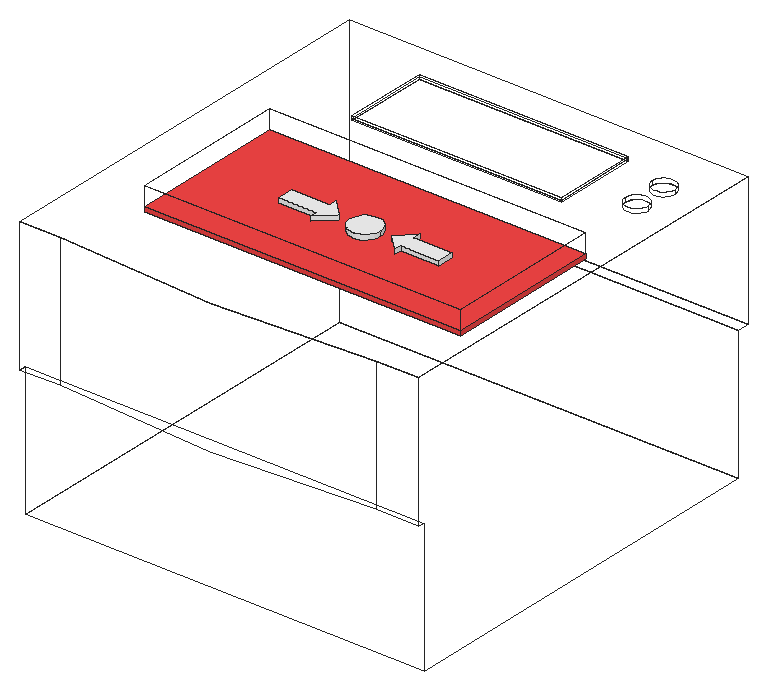
Revit family "Maxlogic bouton d'arrêt d'urgence d'extincteur", category Fire Alarm Devices, host Face, Revit 2021
Family settings
  Host = Face
  Maintain Annotation Orientation = Yes
  Round Connector Dimension = Use Diameter
  Part Type = Normal
  OmniClass Number = 23.85.30.21
  OmniClass Title = Environmental Detection/Registration
  Cut with Voids When Loaded = No
  Shared = No
  Room Calculation Point = No
Parameters (values of type "Maxlogic bouton d'arrêt d'urgence d'extincteur")
  Poids = "140 gr."
  Boîtier de montage en surface étanche = ""
  Unité de durée de garantie = "Ans"
  Durée de la garantie réservé = "2"
  Durée de la garantie Travail = "2"
  Version = ""
  URL = "https://www.mavili.com.tr/"
  Socle montage de Surlévé = ""
  Numéro de pose des travaux publics = "833-265"
  Portection de Couverture = "ML-0710"
  protection de Classe = "IP22D"
  Code de Produit = "ML-2710.ES"
  Numèro de Téléphone = "(+)90 216 466 45 05"
  Voltage de fonctionnement (default) = "24 V/DC"
  voltage fonction d'opération = "10-30 V/DC"
  Tempèrature de Fonctionnement = "(-10°C) - (+55°C)"
  Largeur Nominale = "58 mm"
  Longeur Nominale = "87 mm"
  Hauteur Nominale = "91 mm"
  Surface de Montage = "Montage à Mur"
  Hauteur de Montage = "Hauteur 1,4m du sol (+/-200mm)"
  Model = "MaxLogic"
  Manufacturer = "Mavili Elektronik Ticaret A.Ş."
  Manuel d'installation = "https://mavilielektronik.com/Revit/ML2710ES_FR.pdf"
  Sortie d'indicateur = ""
  Numèro de Fax = "(+)90 216 466 45 10"
  Alimentation d'externe = ""
  E-Poste = "mavili@mavili.com.tr"
  Avertissement = ""
  Charger adresse d'appareil = ""
  Description = "bouton d'arrêt d'urgence d'extincteur"
  Default Elevation = 0 mm
  Current de Consommation = ""
  Coût Unité = ""
  Cost = 0
  Socles Compatible = ""
  Couleur = "Bleu"
  Code de  Performance = "EN 12094-3"
  Matériel Principe = "Plastique Bleu ABS"
  Deuxime Matèriel = "Plastique"
  Adresse ligne 1 = "Şerifali Mahallesi Kutup Sokak No:27/1-2-4 Ümraniye TR-34775 İSTANBUL"
Reference planes
  plane 1 "Center (Front/Back)": y = 0
  plane 2: z = 0
  plane 3 "Center (Left/Right)": x = 0
Forms (mm)
  Extrusion 1, solid, material "Mavili mavi"
    sketch origin (0, 0, 0) x (1, 0, 0) y (0, 1, 0)
      loop
        line (0, 89.883) -> (0, 0) -> (8.74, 0)
        arc (8.74, 0) -> (43.246, -2.016) -> (77.752, 0) r 296.28
        line (77.752, 0) -> (87.027, 0) -> (87.027, 89.883) -> (0, 89.883)
    from 0 to 58
  Extrusion 2, void
    sketch origin (0, 0, 0) x (0, 1, 0) y (0, 0, 1)
      loop
        line (89.883, 29.005) -> (87.283, 29.005) -> (87.283, -4.106) -> (89.883, -4.106) -> (89.883, 29.005)
    from 0 to 90.479
  Extrusion 3, void
    sketch origin (0, 0, 0) x (0, 1, 0) y (0, 0, 1)
      loop
        line (-3.567, 28.975) -> (-3.567, -2.735) -> (1.471, -2.735) -> (1.471, 28.975) -> (-3.567, 28.975)
    from 0 to 87.027
  Extrusion 4, void
    sketch origin (0, 0, 58) x (0, 1, 0) y (1, 0, 0)
      loop
        line (57.252, 8.74) -> (57.252, 77.752) -> (22.919, 77.752) -> (22.919, 8.74) -> (57.252, 8.74)
    from 0 to 5
  Extrusion 5, solid, material "Render Material 255-0-0"
    sketch origin (0, 0, 53) x (0, 1, 0) y (-1, 0, 0)
      loop
        line (57.252, -8.74) -> (22.919, -8.74) -> (22.919, -77.752) -> (57.252, -77.752) -> (57.252, -8.74)
    from 0 to 1
  Extrusion 6, solid, material "Render Material 255-255-255"
    sketch origin (0, 0, 54) x (1, 0, 0) y (0, 1, 0)
      loop
        circle (43.246, 40.085) r 3.37
    from 0 to 1
  Extrusion 7, solid, material "Render Material 255-255-255"
    sketch origin (0, 0, 54) x (1, 0, 0) y (0, 1, 0)
      loop
        line (49.1, 40.085) -> (52.47, 36.715) -> (52.47, 38.309) -> (60.788, 38.309) -> (60.788, 41.861) -> (52.47, 41.861) -> (52.47, 43.455) -> (49.1, 40.085)
    from 0 to 1
  Extrusion 8, solid, material "Render Material 255-255-255"
    sketch origin (86.492, 0, 54) x (-1, 0, 0) y (0, -1, 0)
      loop
        line (49.1, -40.085) -> (52.47, -43.455) -> (52.47, -41.861) -> (60.788, -41.861) -> (60.788, -38.309) -> (52.47, -38.309) -> (52.47, -36.715) -> (49.1, -40.085)
    from 0 to 1
  Extrusion 9, void
    sketch origin (0, 0, 58) x (0, 1, 0) y (1, 0, 0)
      loop
        circle (78.518, 77.752) r 2.471
    from 0 to 1
  Extrusion 10, void
    sketch origin (0, -7.362, 58) x (0, 1, 0) y (1, 0, 0)
      loop
        circle (78.518, 77.752) r 2.471
    from 0 to 1
  Extrusion 11, void
    sketch origin (0, 0, 58) x (0, 1, 0) y (1, 0, 0)
      loop
        line (82.6, 21.063) -> (82.6, 66.836) -> (64.116, 66.836) -> (64.116, 21.063) -> (82.6, 21.063)
    from 0 to 1
  Extrusion 12, solid, material "Mavili mavi"
    sketch origin (0, 0, 57) x (0, 1, 0) y (-1, 0, 0)
      loop
        line (82.6, -21.063) -> (64.116, -21.063) -> (64.116, -66.836) -> (82.6, -66.836) -> (82.6, -21.063)
    from 0 to 0.5
Cuts and joins
  Extrusion 2, Extrusion 3, Extrusion 4, Extrusion 9, Extrusion 10, Extrusion 11 cuts Extrusion 1
Dimensions and locks
  aligned and locked: plane 2 to host face
  aligned and locked: level to host face
